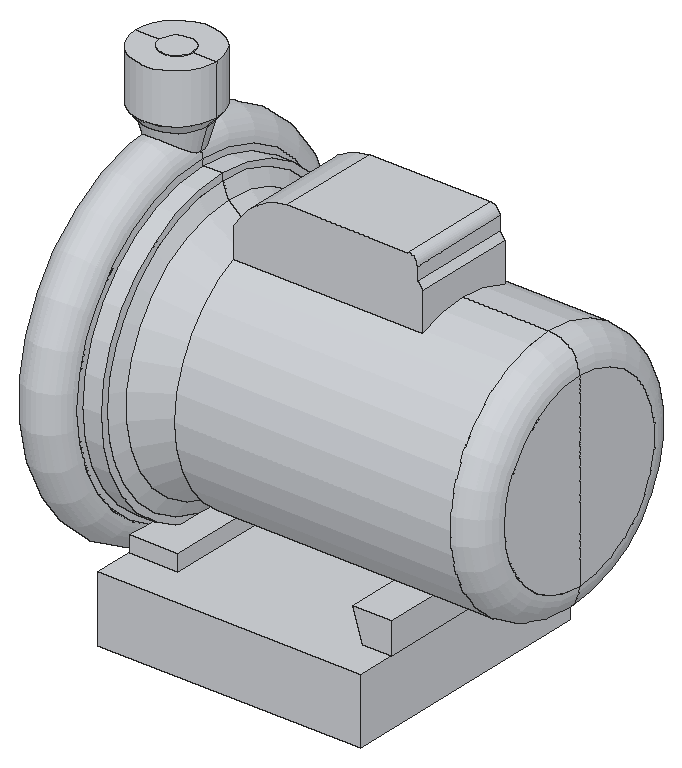
Revit family "Насос СР 190", category Оборудование, Revit 2020
Family settings
  Размер круглого соединителя = Использовать диаметр
  Классификация = Нет
  Тип детали = Нормальный
  На основе рабочей плоскости = Нет
  Всегда вертикально = Нет
  При загрузке вырезать с полостями = Нет
  Общий = Нет
  Точка расчета площади = Нет
Parameters
  Правое исполнение [instance] = yes
  Отметка по умолчанию = 0 mm
  Материал фильтроэлемента = Сталь 08X18H10T (AISI 321) Красная
  Материал аппарата = Сталь 08X18H10T (AISI 321) Синяя
  Левое исполнение [instance] = yes
  Изготовитель = "ООО \"НПК \"Акватроник\""
  ADSK_Примечание [instance] = ""
  ADSK_Позиция [instance] = "12"
  ADSK_Наименование = "Центробежный горизонтальный насос производительность 6,0 м3/ч, напор 34,5 м, N=1,5 кВт (1 рабочий и 1 резервный)"
  ADSK_Масса_Текст [instance] = "21,3"
  ADSK_Завод-изготовитель [instance] = "ООО \"НПК \"Акватроник\""
  ADSK_Единица измерения = "шт."
Reference planes
  plane 1 "По центру (Вперед/Назад)": y = 0
  plane 2: z = 250
  plane 3 "По центру (Влево/Вправо)": x = -117.856
  plane 4: z = 1700
  plane 5 "1б": y = 0
Forms (mm)
  Revolve 1, solid
    sketch origin (-899, 0, -1044) x (1, 0, 0) y (0, 0, 1)
      loop
        line (801.138, 1413) -> (816.138, 1413) -> (855.795, 1413) -> (1008.923, 1413) -> (1088.923, 1413) -> (1088.923, 1484.828)
        arc (1088.923, 1484.828) -> (1082.149, 1501.182) -> (1065.795, 1507.956) r 23.128
        line (1065.795, 1507.956) -> (855.795, 1507.956) -> (855.795, 1482.956) -> (821.323, 1511.881) -> (816.138, 1523) -> (816.138, 1528) -> (801.138, 1528) -> (801.138, 1413)
      axis (801.138, 1413) -> (1088.923, 1413)
    angle from 0 to 360
  Revolve 2, solid
    sketch origin (-899, 0, -1044) x (1, 0, 0) y (0, 0, 1)
      loop
        line (801.138, 1413) -> (801.138, 1532.681)
        arc (801.138, 1532.681) -> (779.281, 1552.038) -> (762.708, 1528) r 19.5
        arc (762.708, 1528) -> (749.732, 1487.434) -> (742.145, 1445.525) r 326.601
        line (742.145, 1445.525) -> (742.145, 1413) -> (801.138, 1413)
      axis (742.145, 1413) -> (801.138, 1413)
    angle from 0 to 360
  Revolve 3, solid
    sketch origin (-899, 0, -1044) x (1, 0, 0) y (0, 0, 1)
      loop
        line (742.145, 1413) -> (742.145, 1443.874) -> (729.039, 1443.874)
        arc (729.039, 1443.874) -> (727.652, 1442.488) -> (727.145, 1440.594) r 3.788
        line (727.145, 1440.594) -> (727.145, 1413) -> (742.145, 1413)
      axis (727.145, 1413) -> (742.145, 1413)
    angle from 0 to 360
  Revolve 4, solid
    sketch origin (-899, 0, -1044) x (1, 0, 0) y (0, 0, 1)
      loop
        arc (762.4, 1537.079) -> (769.644, 1547.565) -> (781.229, 1552.878) r 24.054
        line (781.229, 1552.878) -> (781.229, 1602.878) -> (750.256, 1602.878) -> (750.256, 1564.698) -> (757.225, 1556.392) -> (762.4, 1537.079)
      axis (781.229, 1602.878) -> (781.229, 1537.079)
    angle from 0 to 360
  Extrusion 5, solid
    sketch origin (-899, 100, -1044) x (1, 0, 0) y (0, 0, 1)
      loop
        line (855.795, 1483) -> (999.483, 1483) -> (999.483, 1528.641) -> (995.677, 1534.076) -> (995.677, 1544.076)
        arc (995.677, 1544.076) -> (993.606, 1549.076) -> (988.606, 1551.147) r 7.071
        line (988.606, 1551.147) -> (896.172, 1551.147)
        arc (896.172, 1551.147) -> (876.634, 1544.987) -> (861.531, 1531.147) r 47.324
        line (861.531, 1531.147) -> (855.795, 1522.956) -> (855.795, 1483)
    from 59.639 to 138.207
  Extrusion 6, solid
    sketch origin (-899, 100, -1044) x (1, 0, 0) y (0, 0, 1)
      loop
        line (971.979, 1317.476) -> (979.739, 1293.593) -> (1001.585, 1293.593) -> (1001.585, 1317.476) -> (971.979, 1317.476)
    from 27.1 to 170
  Extrusion 7, solid
    sketch origin (-899, 100, -1044) x (1, 0, 0) y (0, 0, 1)
      loop
        line (801.138, 1305.758) -> (801.138, 1293.593) -> (838.252, 1293.593) -> (838.252, 1305.758) -> (801.138, 1305.758)
    from 27.1 to 170
  Extrusion 8, solid
    sketch origin (-171.856, 0, 0) x (0, 1, 0) y (0, 0, 1)
      loop
        circle (0, 369) r 16
    from 0 to 10
  Extrusion 9, solid
    sketch origin (0, 0, 554) x (1, 0, 0) y (0, 1, 0)
      loop
        circle (-117.856, 0) r 12.5
    from 0 to 5
  Extrusion 10, solid
    sketch origin (0, 100, 0) x (1, 0, 0) y (0, 0, 1)
      loop
        line (-97.862, 249.593) -> (-97.862, 199.593) -> (102.585, 199.593) -> (102.585, 249.593) -> (-97.862, 249.593)
    from 0 to 200
Lines and regions (mm)
  model lines
    curve 1: line (-117.856, -30.874, 369) -> (-117.856, 30.874, 369)
Dimensions and locks
  plane 4 to plane 2 = 1450 mm
  plane 4 to level = 1450 mm
  aligned and locked: level to plane 2
Connectors
  piping at (-171.856, 0, 369), diameter 32
    settings: on Extrusion 8, index 1, connector inside diameter 609.6 mm, connector length 0 mm, flow factor 0, pipe flow 0.0 L/s, pressure drop 0.0 Pa, fitting loss kfactor 0, connector angle 0.00°, fixture units 0, engagement length 0 mm, angle of deflection 0.00°, flow configuration 0, flow direction 0, fitting loss method 0, system type 7, joint type 0, gender type 0, connector reference index -1, connector utility 0, adjustable connector no, is connector primary yes, connector description ""
  piping at (-117.856, 0, 559), diameter 25
    settings: on Extrusion 9, index 2, connector inside diameter 609.6 mm, connector length 0 mm, flow factor 0, pipe flow 0.0 L/s, pressure drop 0.0 Pa, fitting loss kfactor 0, connector angle 0.00°, fixture units 0, engagement length 0 mm, angle of deflection 0.00°, flow configuration 0, flow direction 0, fitting loss method 0, system type 7, joint type 0, gender type 0, connector reference index -1, connector utility 0, adjustable connector no, is connector primary no, connector description ""
